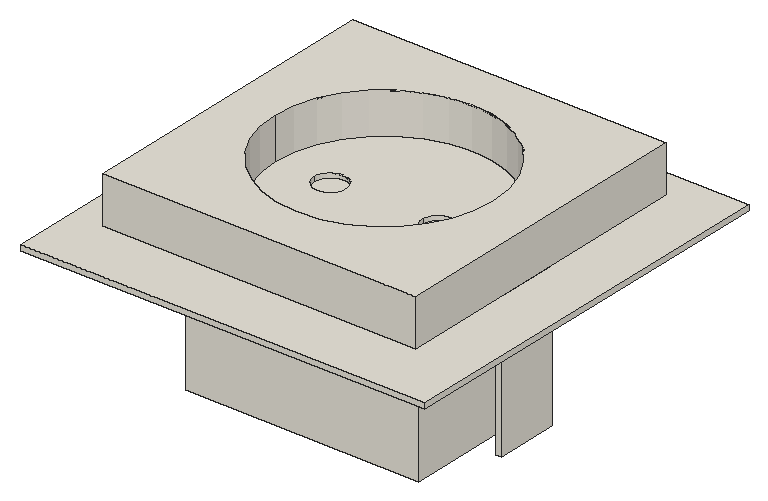
Revit family "Gira_277601", category Electrical Fixtures, host Face, Revit 2017
Family settings
  Host = Face
  Maintain Annotation Orientation = Yes
  Round Connector Dimension = Use Diameter
  Part Type = Normal
  Cut with Voids When Loaded = No
  Shared = No
  Room Calculation Point = No
Parameters (values of type "Steckd. BS 13 A SH System 55 Cremeweiß")
  Überspannungsschutz = "No"
  Werkstoffgüte = "sonstige"
  Werkstoff = "sonstige"
  Verdrehter Zentraleinsatz = "No"
  URL = "http://katalog.gira.de/de_DE/datenblatt.html?artikelnr=277601"
  Transparent = "No"
  Textfeld/Beschriftungsfläche = "No"
  Sonderstromversorgung = "ohne Sonderstromversorgung"
  Schutzleiterkontakt rund = "No"
  Schutzkontakt = "No"
  Region = "DE"
  RAL-Nummer (ähnlich) = "1013 "
  Oberfläche = "sonstige"
  Nennstrom = "13 Ampere"
  Nennspannung = "250 Volt"
  Name = "Steckd. BS 13 A SH System 55 Cremeweiß"
  Montageart = "unter Putz"
  Model = "SYS55_Steckdose"
  Mit erhöhtem Berührungsschutz = "Yes"
  Mit eingebauter USB-Spannungsversorgung = "No"
  Mit Signallampe = "No"
  Mit Orientierungsbeleuchtung = "No"
  Mit Klappdeckel = "No"
  Mit Funktionsbeleuchtung = "No"
  Mit Feinsicherung = "No"
  Mit Ein-/Ausschalter = "No"
  Mit Durchschleiffunktion = "No"
  Manufacturer URL = "https://www.gira.de/"
  Isolierter Einbau = "No"
  HeinzeBIM = "https://bimportal.heinze.de/bim/steckd-bs-13-a-sh-system-55-cremeweiss/ab5e3285b673038e9f2b769e2ac894953eba689c"
  Halogenfrei = "Yes"
  HAN = "277601"
  Geeignet für Schutzart (IP) = "IP20"
  GTIN = "4010337079347"
  Für "erschwerte Bedingungen" (nach VDE) = "No"
  Fehlerstromschutz = "No"
  Farbe = "cremeweiß (elektroweiß)"
  Default Elevation = 1219.2 mm
  Data sheet (1) = "https://katalog.gira.de/de_DE/download.html?artikelnr=277601"
  Cremeweiß glänzend = Cremeweiß glänzend
  Category = "Steckdose"
  Befestigungsart = "Befestigung mit Schraube"
  Available = "Yes"
  Auswurfmechanismus = "No"
  Ausführung der Oberfläche = "glänzend"
  Ausführung = "British Standard"
  Aufdruck/Kennzeichnung = "ohne Aufdruck"
  Anzahl der Steckdosen schaltbar = "0 "
  Anzahl der Module (bei Modulbauweise) = "1 "
  Anzahl der Einheiten = "1 "
  Antibakterielle Behandlung = "No"
  Anschlussart = "Schraubklemme"
  Abschließbar = "No"
Reference planes
  plane 1 "Center (Front/Back)": y = 0
  plane 2 "Reference Level 0": z = 0
  plane 3 "Center (Left/Right)": x = 0
  plane 4: x = 9.5
  plane 5: x = -9.5
  plane 6: x = 9.5
  plane 7: x = -9.5
  plane 8: x = 9.5
  plane 9: x = -9.5
  plane 10: x = 17.5
  plane 11 "Reference Level 1": z = 8.2
Forms (mm)
  Extrusion 1, solid, material "Cremeweiß glänzend" <- "Cremeweiß glänzend", detail levels coarse
    sketch origin (0, 0, 0) x (1, 0, 0) y (0, 1, 0)
      loop
        line (-35.5, 35.5) -> (-35.5, -35.5) -> (35.5, -35.5) -> (35.5, 35.5) -> (-35.5, 35.5)
    from -27.5 to 8.2
  Extrusion 2, solid, material "Cremeweiß glänzend" <- "Cremeweiß glänzend", detail levels medium+fine
    sketch origin (0, 0, 0) x (1, 0, 0) y (0, 1, 0)
      loop
        line (-35.5, 35.5) -> (-35.5, -35.5) -> (35.5, -35.5) -> (35.5, 35.5) -> (-35.5, 35.5)
    from -2.2 to -3.2
  Extrusion 3, solid, material "Cremeweiß glänzend" <- "Cremeweiß glänzend", detail levels medium+fine
    sketch origin (0, 0, 0) x (1, 0, 0) y (0, 1, 0)
      loop
        line (-27.5, 27.5) -> (-27.5, -27.5) -> (27.5, -27.5) -> (27.5, 27.5) -> (-27.5, 27.5)
      loop
        circle (0, 0) r 19.2
    from 0 to 8.2
  Extrusion 4, solid, material "Cremeweiß glänzend" <- "Cremeweiß glänzend", detail levels fine
    sketch origin (0, 0, 0) x (1, 0, 0) y (0, 1, 0)
      loop
        circle (0, 0) r 19.2
      loop
        circle (9.5, 0) r 2.8
      loop
        circle (-9.5, 0) r 2.8
    from 0 to 1
  Extrusion 5, solid, material "Cremeweiß glänzend" <- "Cremeweiß glänzend", detail levels fine
    sketch origin (0, 0, 0) x (1, 0, 0) y (0, 1, 0)
      loop
        circle (-9.5, 0) r 2.8
      loop
        circle (9.5, 0) r 2.8
    from -2.2 to 0.3
  Extrusion 6, solid, material "Cremeweiß glänzend" <- "Cremeweiß glänzend", detail levels medium
    sketch origin (0, 0, 0) x (1, 0, 0) y (0, 1, 0)
      loop
        circle (0, 0) r 19.2
      loop
        circle (9.5, 0) r 2.8
      loop
        circle (-9.5, 0) r 2.8
    from 7.2 to 8.2
  Extrusion 7, solid, material "Cremeweiß glänzend" <- "Cremeweiß glänzend", detail levels medium
    sketch origin (0, 0, 0) x (1, 0, 0) y (0, 1, 0)
      loop
        circle (-9.5, 0) r 2.8
      loop
        circle (9.5, 0) r 2.8
    from 7.2 to 8.2
  Extrusion 8, solid, material "Cremeweiß glänzend" <- "Cremeweiß glänzend", detail levels medium+fine
    sketch origin (0, 0, 0) x (1, 0, 0) y (0, 1, 0)
      loop
        line (-20.5, 9) -> (-20.5, -18) -> (20.5, -18) -> (20.5, 9) -> (17.5, 9) -> (3, 21) -> (3, 24) -> (-3, 24) -> (-3, 21) -> (-17.5, 9) -> (-20.5, 9)
    from 0 to -27.5
  Extrusion 9, solid, material "Cremeweiß glänzend" <- "Cremeweiß glänzend", detail levels medium+fine
    sketch origin (0, 0, 0) x (1, 0, 0) y (0, 1, 0)
      loop
        line (-25, 5.5) -> (-25, -5.5) -> (-24, -5.5) -> (-24, 5.5) -> (-25, 5.5)
    from 0 to -27.5
  Extrusion 10, solid, material "Cremeweiß glänzend" <- "Cremeweiß glänzend", detail levels medium+fine
    sketch origin (0, 0, 0) x (-1, 0, 0) y (0, -1, 0)
      loop
        line (-25, 5.5) -> (-25, -5.5) -> (-24, -5.5) -> (-24, 5.5) -> (-25, 5.5)
    from 0 to -27.5
Dimensions and locks
  aligned and locked: plane 2 "Reference Level 0" to host face
  aligned and locked: level to host face
  aligned and locked: plane 3 "Center (Left/Right)" to nested 1
  aligned and locked: plane 1 "Center (Front/Back)" to nested 1
Nested families
  nested 1: "Steckdose 1-fach Beschriftung" at (0, 0, 0), type "Steckdose 1-fach Beschriftung"
Connectors
  electrical at (0, 9, -27.5)
    settings: on Extrusion 8, index 1, voltage 220 V, apparent load 0 VA, apparent load phase1 0 VA, apparent load phase2 0 VA, apparent load phase3 0 VA, power factor 1, load classification "Other", number of poles 1, system type 31, power factor state 1, is connector primary yes, connector utility no, sub classification motor no, connector description ""
Definition of nested family "Steckdose 1-fach Beschriftung"
  Reference planes
    plane 1: y = 0
    plane 2: x = 0
  Lines and regions (mm)
    detail lines
      curve 1: line (0, 0, 0) -> (0, 2, 0)
      curve 3: line (0, 2, 0) -> (-1, 2, 0)
      curve 4: arc (1, 3, 0) -> (0, 2, 0) -> (-1, 3, 0) r 1
      curve 5: line (0, 2, 0) -> (1, 2, 0)
    reference lines
      curve 2: line (-0.485, 3, 0) -> (2.315, 3, 0)
  Dimensions and locks
    curve 1 to curve 1 = 2 mm
    plane 1 to curve 2 = 3 mm
    curve 3 to curve 3 = 1 mm
